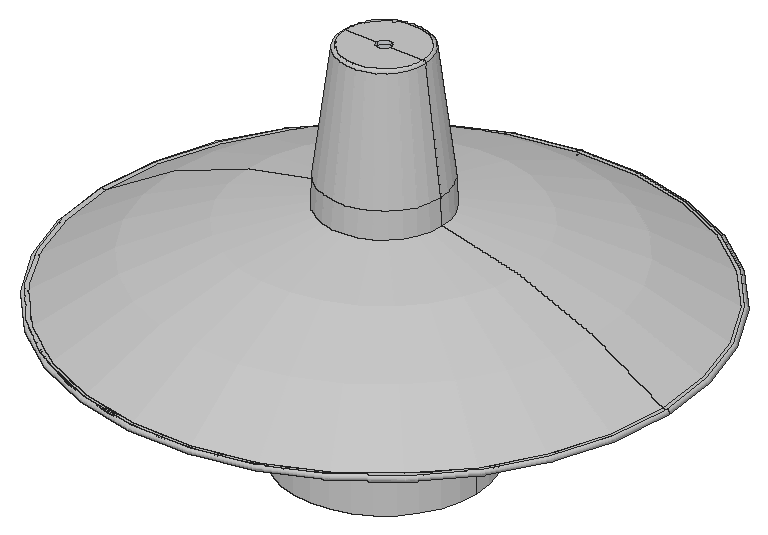
Revit family "AT20 SHADE", category Lighting Fixtures, Revit 2024
Family settings
  Round Connector Dimension = Use Diameter
  Part Type = Normal
  OmniClass Number = 23.80.70.00
  OmniClass Title = Lighting
  Work Plane-Based = No
  Always vertical = Yes
  Cut with Voids When Loaded = No
  Light Source = Yes
  Maintain Annotation Orientation = No
  Shared = No
  Room Calculation Point = No
Parameters
  Wattage = 12.1178 W
  built-in parameter 1150110 = 1 (stored number, unit not read)
  built-in parameter 1114217 = 1 (stored number, unit not read)
  built-in parameter 1150109 = 1 (stored number, unit not read)
  built-in parameter 1150134 = (empty or 0)
  built-in parameter 1150113 = 1 (stored number, unit not read)
  Lumens = 1800 lm
  built-in parameter 1150115 = 1 (stored number, unit not read)
  built-in parameter 1150105 = 572.96 (stored number, unit not read)
  Light Source Symbol Size = 2' - 0"
  built-in parameter 1150137 = (empty or 0)
  built-in parameter 1150139 = (empty or 0)
  built-in parameter 1150112 = 1 (stored number, unit not read)
  built-in parameter 1150114 = 1 (stored number, unit not read)
  built-in parameter 1150132 = 2
  built-in parameter 1150102 = (empty or 0)
  built-in parameter 1150138 = (empty or 0)
  built-in parameter 1150107 = 3000 (stored number, unit not read)
  built-in parameter 1150106 = 5.7296 (stored number, unit not read)
  built-in parameter 1150104 = 13.8 (stored number, unit not read)
  Dimming Lamp Color Temperature Shift = (empty or 0)
  Default Elevation = 0' - 0"
  Color Filter = 16777215
  built-in parameter 1114218 = 1 (stored number, unit not read)
  built-in parameter 1150133 = 10 (stored number, unit not read)
Reference planes (in)
  plane 1 "Light Source Axis (F/B)": y = 0
  plane 2: z = 0
  plane 3 "Light Source Axis (L/R)": x = 0
  plane 4 "Light Source Elevation": z = 84
Forms (in)
  Revolve 1, solid
    sketch origin (0, 0, 0) x (1, 0, 0) y (0, 0, 1)
      loop
        line (-3.25, 87.7829) -> (-3.25, 84) -> (-3.15625, 84) -> (-3.15625, 87.7829) -> (-3.25, 87.7829)
      loop
        line (-0.25, 97) -> (-1.36214, 97)
        arc (-1.36214, 97) -> (-1.42775, 96.97547) -> (-1.46117, 96.91392) r 0.1
        line (-1.46117, 96.91392) -> (-1.98536, 92.875) -> (-2.03122, 92)
        arc (-2.03122, 92) -> (-6.09599, 90.98572) -> (-9.78697, 89.00384) r 16.92034
        line (-9.78697, 89.00384) -> (-9.91111, 89.00384)
        arc (-9.91111, 89.00384) -> (-10, 88.91495) -> (-9.91111, 88.82607) r 0.08889
        line (-9.91111, 88.82607) -> (-9.87403, 88.82607) -> (-9.73273, 88.92737)
        arc (-9.73273, 88.92737) -> (-6.02545, 90.91242) -> (-1.94173, 91.91621) r 16.82659
        line (-1.94173, 91.91621) -> (-1.89193, 92.8665) -> (-1.36763, 96.90625) -> (-0.25, 96.90625) -> (-0.25, 97)
      loop
        line (-5.81557, 87.34585) -> (-5.9, 87.34585)
        arc (-5.9, 87.34585) -> (-6, 87.24585) -> (-5.9, 87.14585) r 0.1
        line (-5.9, 87.14585) -> (-5.84768, 87.14585)
        arc (-5.84768, 87.14585) -> (-4.29741, 88.73719) -> (-2.3601, 89.82464) r 7.76806
        line (-2.3601, 89.82464) -> (-2.39383, 89.91212)
        arc (-2.39383, 89.91212) -> (-4.28257, 88.86615) -> (-5.81557, 87.34585) r 7.86181
      axis (0, 84) -> (0, 97)
    angle from 0 to 360
Dimensions and locks (in)
  plane 4 "Light Source Elevation" to plane 2 = 7' - 0"
  aligned and locked: plane 3 "Light Source Axis (L/R)" to imposter light
  aligned and locked: plane 1 "Light Source Axis (F/B)" to imposter light
  aligned and locked: plane 4 "Light Source Elevation" to imposter light
  aligned and locked: level to plane 2
